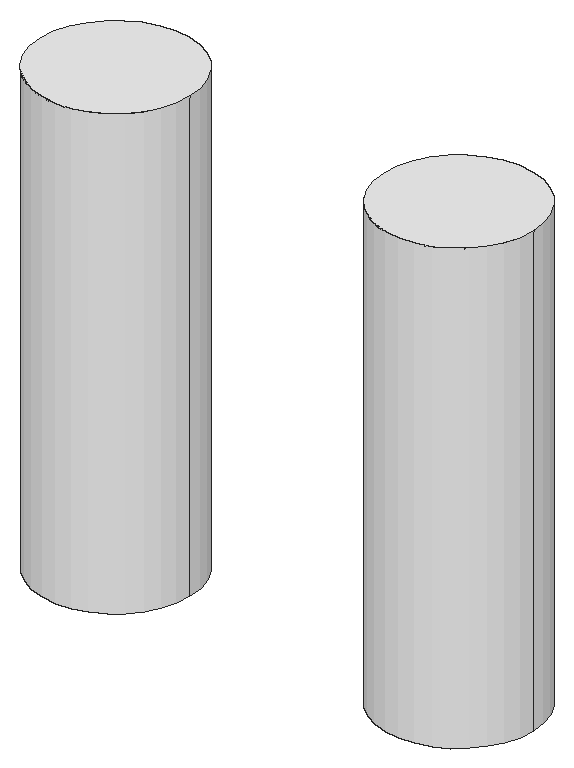
Revit family "64412009", category Plumbing Fixtures, Revit 2018
Family settings
  Round Connector Dimension = Use Diameter
  Part Type = Normal
  OmniClass Number = 23.45.55.00
  OmniClass Title = Sanitary Faucets, Wastes
  Work Plane-Based = No
  Always vertical = Yes
  Cut with Voids When Loaded = No
  Shared = No
  Room Calculation Point = No
Parameters (values of type "64412009 Washbasin faucet, 9/12 V, Bluetooth ")
  WorkingPressure = "50 - 1000 kPa"
  Working Pressure = "50 - 1000 kPa"
  WarrantyStartDate [instance] = "n/a"
  WarrantyGuarantorParts = "n/a"
  WarrantyGuarantorLabor = "n/a"
  WarrantyDurationUnit = "Year"
  WarrantyDurationParts = "n/a"
  WarrantyDurationLabor = "n/a"
  WarrantyDescription = "http://warranty.hansa.com"
  Warranty Information URL = "http://warranty.hansa.com"
  VersionDate = "01/07/2022"
  Version = "3"
  ValvePattern = "n/a"
  ValveOperation = "n/a"
  ValveMechanism = "n/a"
  Uniclass2015Reference = "Pr_40_20_87_96"
  Uniclass2015Description = "Washbasin manual water supply sets"
  Uniclass2 = "Pr_40_30_96_96"
  URL WEEE = "http://www.hansa.com/fileadmin/resources/153036_WEEE.pdf"
  URL REACH = "http://static.hansa.com/doc/reach"
  URL Declaration of Conformity = "http://static.hansa.com/DoC/64412009"
  URL = ""
  UNSPSC Class Number = "30181700 Faucets or taps"
  TestPressure = "n/a"
  Temperature Adjustments = "Temperature preset fixable"
  Temperature = "Temperature fixable"
  Technical DataSheet URL = "http://www.hansa.com/datasheet/64412009/en"
  TagNumber [instance] = "n/a"
  SustainabilityPerformance = "n/a"
  Surface treatment = "Chrome"
  Spout Type = "Fixed spout;Casted construction"
  Spout Projection = "96 mm"
  Spare-Part Information URL = "http://static.hansa.com/sp/64412009"
  Size = "65x140x120 mm"
  Shape = "Sculptured"
  SerialNumber [instance] = "n/a"
  Sales Package dimensions (LxWxH) = "290 x 210 x 90"
  Revision = "3"
  ReplacementCost = "n/a"
  Protection Class = "IP 55 / transformer IP 20"
  ProductInformation = "n/a"
  Product URL = "http://static.hansa.com/64412009"
  Product Image URL = "http://static.hansa.com/image/64412009"
  Product Family = "HANSAELECTRA "
  Product Code = "64412009"
  OperatingMechanismMaterial = "n/a"
  Operating Voltage = 912 V
  Operating Distance = "20-130 mm (110/130/160 mm)"
  NominalWidth = 65 mm
  NominalHeight = 120.5 mm
  NominalDepth = 140 mm
  Name_en = "64412009 Washbasin faucet, 9/12 V, Bluetooth"
  Name = "64412009 Washbasin faucet, 9/12 V, Bluetooth"
  NBSReference = "45-35-70/371"
  NBSDescription = "Water supply fittings for wash basins and troughs"
  Mounting Holes = "1 hole"
  ModelReference = "64412009"
  ModelNumber = "n/a"
  Model = "64412009 Washbasin faucet, 9/12 V, Bluetooth"
  Mobile Product Information URL = "http://mpi.hansa.com/64412009"
  Mechanical Parts = "Litter filter(s);Mixing valve for manual temperature control"
  Max. Hot Water Supply = 70 °C
  Max Flow Period = "2 min (1 - 1800 s)"
  Material = "Brass"
  Market = "Austria;Belgium;Czech Republic;Germany;Spain;France;International;Italy;Netherlands;Slovakia"
  ManufacturerURL = "http://www.hansa.com"
  ManufacturerName = "HANSA"
  Manufacturer = "HANSA"
  Lever Handle = "Temperature control handle"
  Interactive AR View URL = "https://static.hansa.com/AR/64412009"
  InstallationDate [instance] = "n/a"
  Installation and Maintenance Guide URL = "http://static.hansa.com/manual/64412009"
  Installation Type = "Deck mounted"
  InletConnectionSize = 10 mm
  IfcExportType = "FAUCET"  # constant formula
  IfcExportAs = "IfcValveType"  # constant formula
  Group = "Washbasin faucet"
  Grade = "n/a"
  FlowCoefficient = 0
  Flow Rate At 300kPa With Flow Controller = 0.1 L/s
  Flow Drawing URL = "http://static.hansa.com/flowchart/64412009"
  Finish = "Polished"
  Features = "Touchless;Bluetooth®;Plug transformer"
  FaucetMainMaterial = Brass
  FDV Document URL = "http://www.hansa.com/datasheet/64412009/en/fdv"
  ExpectedLife = "n/a"
  Excluded Items = "Without pop-up waste;Without draw-rod opening"
  Electronic Parts = "Autofocus infrared sensor;Solenoid valve;Power supply"
  Electrical Connection = "230 / 9 V"
  ETIM Class Number = "EC010340 Electronic tap"
  EN Standard = "EN 15091"
  EMC Directive = "2014/53/EU , 2011/65/EU"
  EAN Number = "4057304014055"
  DurationUnit = "Year"
  Dimension Drawing URL = "http://static.hansa.com/dimdrw/64412009"
  Description = ""
  DefaultElevation [instance] = 900 mm
  Constituents = "Single lever"
  Connection Size = "G3/8"
  Connection = "Flexible inlet pipes"
  Color = "Chrome"
  CodePerformance = "n/a"
  CloseOffRating = 0
  Category = "Bathroom;Public & Semi-public"
  Catalog Drawing URL = "http://static.hansa.com/catdrw/64412009"
  Brand = "HANSA"
  BodyMaterial = "Brass"
  Bluetooth = "4.x"
  Barcode [instance] = "n/a"
  Backflow Prevention EN1717 = "AA"
  BIMObjectName = "64412009"
  Automatic Flush Period = "30 s (1-1800 s)"
  Automatic Flush Frequency = "off (off/1-120 h)"
  Author = "BIMStone"
  AssetType = "Fixed"
  AssetIdentifier [instance] = "n/a"
  Ambience photo = "http://static.hansa.com/ambience/64412009"
  Afterflow Period = "3 s (1-20 s)"
  Aerator = "Standard aerator;PCA® - constant flow rate regardless of pressure variations"
  Advanced Features = "Software settings adjustable via App;Convertible for cold or premixed-water supply"
  AccessibilityPerformance = "n/a"
  3D View = "https://static.hansa.com/3D/64412009"
  2D/3D/BIM Files URL = "http://static.hansa.com/bim/64412009"
Reference planes
  plane 1 "Center (Front/Back)": y = 0
  plane 2: z = 0
  plane 3 "Center (Left/Right)": x = 0
  plane 4: x = -27.75
  plane 5: z = 1020.5
  plane 6: z = 900
  plane 7: z = 870
  plane 8: y = -140
  plane 9: x = 27.75
  plane 10: x = 37.25
Forms (mm)
  Extrusion 1, solid, material "Brass" <- "FaucetMainMaterial"
    sketch origin (0, -5.497, 0) x (1, 0, 0) y (0, 1, 0)
      loop
        circle (-11.5, -22.5) r 5
      loop
        circle (11.5, -22.5) r 5
    from 870 to 900
Dimensions and locks
  "NominalHeight": plane 5 to plane 6
  "DefaultElevation": plane 6 to level
  locked: plane 6 to plane 7 at 30
  "NominalDepth": plane 8 to plane 1 "Center (Front/Back)"
  equal spacing: plane 4, plane 3 "Center (Left/Right)", plane 9
  "NominalWidth": plane 4 to plane 10
  locked: plane 9 to plane 10 at 9.5
  "InletConnectionSize": diameter of Extrusion 1 sketch curve  (x2)
  aligned and locked: level to plane 2
  aligned and locked: plane 6 to Extrusion 1
  aligned and locked: Extrusion 1 to plane 7
  aligned and locked: plane 3 "Center (Left/Right)" to nested 2
  aligned and locked: plane 1 "Center (Front/Back)" to nested 2
  aligned and locked: plane 3 "Center (Left/Right)" to nested 1
  aligned and locked: plane 1 "Center (Front/Back)" to nested 1
  aligned and locked: nested 2 to plane 6
Automatic sketch dimensions
  Extrusion 1 sketch curve to plane 3 "Center (Left/Right)" = 11.5 mm
  plane 3 "Center (Left/Right)" to Extrusion 1 sketch curve = 11.5 mm
  plane 1 "Center (Front/Back)" to Extrusion 1 sketch curve = 27.997 mm  (x2)
Nested families
  nested 1: "Symbol" at (0, 0, 0), type "Symbol", detail levels coarse
  nested 2: "64412009_p" at (0, 0, 900), Material <- "FaucetMainMaterial", type "64412009_p"
    with Material Brass
Connectors
  piping at (-11.5, -27.997, 870), diameter 10, driven by "InletConnectionSize"
    settings: on Extrusion 1, index 1, connector inside diameter 609.6 mm, connector length 0 mm, flow factor 0, pipe flow 0.1 L/s, pressure drop 0.0 Pa, fitting loss kfactor 0, connector angle 0.00°, fixture units 0, engagement length 0 mm, angle of deflection 0.00°, flow configuration 1, flow direction 1, fitting loss method 0, system type 19, joint type 0, gender type 0, connector reference index -1, connector utility 0, adjustable connector no, is connector primary yes, connector description ""
  piping at (11.5, -27.997, 870), diameter 10, driven by "InletConnectionSize"
    settings: on Extrusion 1, index 2, connector inside diameter 609.6 mm, connector length 0 mm, flow factor 0, pipe flow 0.1 L/s, pressure drop 0.0 Pa, fitting loss kfactor 0, connector angle 0.00°, fixture units 0, engagement length 0 mm, angle of deflection 0.00°, flow configuration 1, flow direction 1, fitting loss method 0, system type 20, joint type 0, gender type 0, connector reference index -1, connector utility 0, adjustable connector no, is connector primary no, connector description ""
Definition of nested family "Symbol"
  Reference planes
    plane 1: y = 0
    plane 2: x = 0
  Lines and regions (mm)
    detail lines
      curve 1: line (0, 0, 0) -> (0, -1.8, 0)
      curve 2: line (-0.4, -1.1, 0) -> (0.4, -1.1, 0)
      curve 3: line (-0.4, -1.4, 0) -> (0.4, -1.4, 0)
      curve 4: line (0.863, 0, 0) -> (-0.863, 0, 0)
      curve 5: circle (-1.163, 0, 0) r 0.3 normal (0, 0, -1)
      curve 6: circle (1.163, 0, 0) r 0.3 normal (0, 0, 1)
Definition of nested family "64412009_p"
  Parameters (values of type "64412009_p")
    Material [instance] = none
  Reference planes
    plane 1 "Center (Front/Back)": y = 0
    plane 2: z = 0
    plane 3 "Center (Left/Right)": x = 0
    plane 4: z = 120.5
    plane 5: y = -140
    plane 6: x = -27.75
    plane 7: x = 27.75
    plane 8: x = 37.25
  Forms (mm)
    Extrusion 1, solid, material <- "Material", detail levels medium
      sketch origin (0, 0, -900) x (0, 1, 0) y (0, 0, 1)
        loop
          line (0, 900) -> (-10.03, 977.548)
          arc (-10.03, 977.548) -> (-16.238, 993.039) -> (-27.956, 1004.922) r 42.287
          arc (-27.956, 1004.922) -> (-52.254, 1016.518) -> (-78.88, 1020.5) r 91.024
          line (-78.88, 1020.5) -> (-140, 1020.5) -> (-140, 996.089) -> (-84.669, 980.647)
          arc (-84.669, 980.647) -> (-69.824, 971.243) -> (-62.64, 955.205) r 30.472
          line (-62.64, 955.205) -> (-55.5, 900) -> (0, 900)
      from -27.75 to 27.75
    Extrusion 2, solid, material <- "Material", detail levels medium
      sketch origin (0, 0, -900) x (1, 0, 0) y (0, 0, 1)
        loop
          line (37.25, 932.759) -> (27.75, 932.759) -> (27.75, 910.74) -> (37.25, 910.74) -> (37.25, 932.759)
      from 22.32 to 37.82
    Extrusion 3, solid, material <- "Material", detail levels coarse
      sketch origin (0, 0, -900) x (1, 0, 0) y (0, 1, 0)
        loop
          line (-27.75, 0) -> (-27.75, -140) -> (37.25, -140) -> (37.25, 0) -> (-27.75, 0)
      from 900 to 1020.5
  Cuts and joins
    joined: Extrusion 1, Extrusion 2
  Lines and regions (mm)
    symbolic lines, detail levels fine
      curve 1: arc (-16.926, -128.653, 0) -> (0, -138.019, 0) -> (16.926, -128.653, 0) r 19.977
      curve 18: line (27.75, -36.32, 0) -> (27.75, -23.82, 0)
      curve 21: arc (27.47, -23.82, 0) -> (26.285, -30.07, 0) -> (27.47, -36.32, 0) r 17.073
      curve 23: line (35.624, -22.32, 0) -> (35.624, -37.82, 0)
      curve 24: line (27.75, -26.726, 0) -> (35.624, -26.726, 0)
      curve 25: line (35.624, -31.726, 0) -> (27.75, -31.726, 0)
      curve 36: line (35.64, -0.3, 10.74) -> (35.64, -0.3, 26.749)
      curve 37: line (35.64, -0.3, 26.749) -> (27.75, -0.3, 26.749)
      curve 43: line (27.75, -0.3, 10.74) -> (27.75, -0.3, 32.759)
      curve 44: circle (0, -0.3, 17.875) r 3.4 normal (0, -1, 0)
      curve 45: circle (0, -0.3, 35.58) r 3.4 normal (0, -1, 0)
      curve 46: line (-23.791, -0.3, 91.729) -> (-19.137, -0.3, 102.693)
      curve 47: line (23.791, -0.3, 91.729) -> (19.137, -0.3, 102.693)
      curve 48: arc (-19.137, -0.3, 102.693) -> (0, -0.3, 115.359) -> (19.137, -0.3, 102.693) r 20.79
      curve 49: spline (0, -0.3, 85.125) -> (2.843, -0.3, 85.314) -> (5.492, -0.3, 85.869) -> (7.767, -0.3, 86.75) -> (9.513, -0.3, 87.899) -> (10.61, -0.3, 89.237) -> (10.984, -0.3, 90.672) -> (10.61, -0.3, 92.108) -> (9.513, -0.3, 93.446) -> (7.767, -0.3, 94.595) -> (5.492, -0.3, 95.476) -> (2.843, -0.3, 96.03) -> (0, -0.3, 96.219) -> (-2.843, -0.3, 96.03) -> (-5.492, -0.3, 95.476) -> (-7.767, -0.3, 94.595) -> (-9.513, -0.3, 93.446) -> (-10.61, -0.3, 92.108) -> (-10.984, -0.3, 90.672) -> (-10.61, -0.3, 89.237) -> (-9.513, -0.3, 87.899) -> (-7.767, -0.3, 86.75) -> (-5.492, -0.3, 85.869) -> (-2.843, -0.3, 85.314) -> (0, -0.3, 85.125)
      curve 50: line (-10.984, -0.3, 90.672) -> (-10.984, -0.3, 96.528)
      curve 51: line (10.984, -0.3, 90.672) -> (10.984, -0.3, 96.528)
      curve 52: spline (10.984, -0.3, 91.995) -> (11.987, -0.3, 93.769) -> (11.681, -0.3, 95.597) -> (10.099, -0.3, 97.278) -> (7.415, -0.3, 98.631) -> (3.922, -0.3, 99.506) -> (0, -0.3, 99.809) -> (-3.922, -0.3, 99.506) -> (-7.415, -0.3, 98.631) -> (-10.099, -0.3, 97.278) -> (-11.681, -0.3, 95.597) -> (-11.987, -0.3, 93.769) -> (-10.984, -0.3, 91.995)
      curve 53: spline (12.034, -0.3, 95.27) -> (11.624, -0.3, 96.706) -> (10.422, -0.3, 98.044) -> (8.51, -0.3, 99.193) -> (6.017, -0.3, 100.074) -> (3.115, -0.3, 100.628) -> (0, -0.3, 100.817) -> (-3.115, -0.3, 100.628) -> (-6.017, -0.3, 100.074) -> (-8.51, -0.3, 99.193) -> (-10.422, -0.3, 98.044) -> (-11.624, -0.3, 96.706) -> (-12.034, -0.3, 95.27)
      curve 54: line (-12.034, -0.3, 95.27) -> (-12.034, -0.3, 94.262)
      curve 55: line (12.034, -0.3, 95.27) -> (12.034, -0.3, 94.262)
      curve 56: arc (-23.791, -0.3, 91.729) -> (0, -0.3, 74.637) -> (23.791, -0.3, 91.729) r 25.104
      curve 71: arc (0, -132.783, 100.194) -> (0, -121.422, 95.826) -> (0, -111.898, 88.246) r 40.033
      curve 75: line (0, -57.079, 15.019) -> (0, -57.706, 20.986)
      curve 77: line (0, -58.91, 32.445) -> (0, -59.535, 38.39)
    symbolic lines, detail levels medium+fine
      curve 2: arc (-18.761, -123.953, 0) -> (-18.065, -126.389, 0) -> (-16.926, -128.653, 0) r 13.52
      curve 3: arc (-21.194, -108.058, 0) -> (-20.107, -116.026, 0) -> (-18.761, -123.953, 0) r 245.759
      curve 4: arc (-21.694, -99.299, 0) -> (-21.58, -103.687, 0) -> (-21.194, -108.058, 0) r 70.758
      curve 5: arc (-27.029, -39.573, 0) -> (-22.957, -69.311, 0) -> (-21.694, -99.299, 0) r 319.403
      curve 6: arc (-27.75, -27.75, 0) -> (-27.751, -33.684, 0) -> (-27.029, -39.573, 0) r 48.577
      curve 7: arc (18.761, -123.953, 0) -> (18.065, -126.389, 0) -> (16.926, -128.653, 0) r 13.52
      curve 8: arc (21.194, -108.058, 0) -> (20.107, -116.026, 0) -> (18.761, -123.953, 0) r 245.759
      curve 9: arc (21.694, -99.299, 0) -> (21.58, -103.687, 0) -> (21.194, -108.058, 0) r 70.758
      curve 10: arc (27.029, -39.573, 0) -> (22.957, -69.311, 0) -> (21.694, -99.299, 0) r 319.403
      curve 11: spline (-16.926, -128.653, 0) -> (-16.349, -131.59, 0) -> (-14.658, -134.326, 0) -> (-11.968, -136.676, 0) -> (-8.463, -138.48, 0) -> (-4.381, -139.613, 0) -> (0, -140, 0) -> (4.381, -139.613, 0) -> (8.463, -138.48, 0) -> (11.968, -136.676, 0) -> (14.658, -134.326, 0) -> (16.349, -131.59, 0) -> (16.926, -128.653, 0)
      curve 12: line (35.624, -22.32, 0) -> (27.75, -22.32, 0)
      curve 13: line (27.75, -22.32, 0) -> (27.75, -23.82, 0)
      curve 14: line (27.75, -23.82, 0) -> (27.47, -23.82, 0)
      curve 15: line (27.75, -36.32, 0) -> (27.75, -37.82, 0)
      curve 16: line (27.75, -37.82, 0) -> (35.624, -37.82, 0)
      curve 17: spline (35.624, -37.82, 0) -> (36.045, -37.556, 0) -> (36.437, -36.781, 0) -> (36.774, -35.55, 0) -> (37.032, -33.945, 0) -> (37.195, -32.076, 0) -> (37.25, -30.07, 0) -> (37.195, -28.064, 0) -> (37.032, -26.195, 0) -> (36.774, -24.59, 0) -> (36.437, -23.358, 0) -> (36.045, -22.584, 0) -> (35.624, -22.32, 0)
      curve 19: arc (27.47, -23.82, 0) -> (-1.97, -0.07, 0) -> (-27.75, -27.75, 0) r 27.75
      curve 20: arc (27.519, -36.32, 0) -> (27.302, -37.951, 0) -> (27.029, -39.573, 0) r 48.577
      curve 22: line (27.519, -36.32, 0) -> (27.75, -36.32, 0)
      curve 26: line (-27.75, -0.3, 0) -> (27.75, -0.3, 0)
      curve 27: line (27.75, -0.3, 0) -> (27.75, -0.3, 10.74)
      curve 28: arc (27.75, -0.3, 35) -> (26.759, -0.3, 63.434) -> (23.791, -0.3, 91.729) r 408.394
      curve 29: arc (23.791, -0.3, 91.729) -> (22.462, -0.3, 99.054) -> (20.551, -0.3, 106.25) r 92.87
      curve 30: arc (20.551, -0.3, 106.25) -> (12.735, -0.3, 116.922) -> (0, -0.3, 120.5) r 20.27
      curve 31: line (-27.75, -0.3, 0) -> (-27.75, -0.3, 35)
      curve 32: arc (-27.75, -0.3, 35) -> (-26.759, -0.3, 63.434) -> (-23.791, -0.3, 91.729) r 408.394
      curve 33: arc (-23.791, -0.3, 91.729) -> (-22.462, -0.3, 99.054) -> (-20.551, -0.3, 106.25) r 92.87
      curve 34: arc (-20.551, -0.3, 106.25) -> (-12.735, -0.3, 116.922) -> (0, -0.3, 120.5) r 20.27
      curve 35: line (27.75, -0.3, 10.74) -> (35.64, -0.3, 10.74)
      curve 38: spline (35.64, -0.3, 26.749) -> (36.057, -0.3, 26.476) -> (36.445, -0.3, 25.676) -> (36.779, -0.3, 24.404) -> (37.034, -0.3, 22.746) -> (37.195, -0.3, 20.816) -> (37.25, -0.3, 18.744) -> (37.195, -0.3, 16.672) -> (37.034, -0.3, 14.742) -> (36.779, -0.3, 13.084) -> (36.445, -0.3, 11.812) -> (36.057, -0.3, 11.012) -> (35.64, -0.3, 10.74)
      curve 39: line (35.64, -0.3, 26.749) -> (35.64, -0.3, 31.985)
      curve 40: arc (35.64, -0.3, 31.985) -> (35.414, -0.3, 32.532) -> (34.866, -0.3, 32.759) r 0.774
      curve 41: line (34.866, -0.3, 32.759) -> (27.75, -0.3, 32.759)
      curve 42: line (27.75, -0.3, 32.759) -> (27.75, -0.3, 35)
      curve 57: line (0, 0, 0) -> (0, -3.574, 51.11)
      curve 58: arc (0, -3.574, 51.11) -> (0, -6.639, 69.684) -> (0, -13.113, 87.361) r 100.551
      curve 59: arc (0, -13.113, 87.361) -> (0, -24.362, 102.423) -> (0, -40.524, 112.024) r 48.106
      curve 60: arc (0, -40.524, 112.024) -> (0, -67.162, 118.753) -> (0, -94.581, 120.5) r 149.669
      curve 61: arc (0, -94.581, 120.5) -> (0, -115.168, 119.586) -> (0, -135.695, 117.766) r 467.531
      curve 62: arc (0, -135.695, 117.766) -> (0, -138.916, 115.724) -> (0, -139.283, 111.927) r 4.343
      curve 63: arc (0, -139.283, 111.927) -> (0, -136.799, 105.637) -> (0, -132.783, 100.194) r 26.137
      curve 64: line (0, 0, 0) -> (0, -55.5, 0)
      curve 65: line (0, -55.5, 0) -> (0, -57.079, 15.019)
      curve 66: arc (0, -59.994, 42.753) -> (0, -71.64, 69.197) -> (0, -96.488, 83.945) r 47.339
      curve 67: line (0, -96.488, 83.945) -> (0, -111.898, 88.246)
      curve 68: line (0, -111.898, 88.246) -> (0, -113.917, 84.749)
      curve 69: line (0, -132.783, 100.194) -> (0, -134.755, 96.779)
      curve 70: line (0, -134.755, 96.779) -> (0, -113.917, 84.749)
      curve 72: arc (0, -59.535, 38.39) -> (0, -60.073, 35.328) -> (0, -58.91, 32.445) r 5.654
      curve 73: arc (0, -57.706, 20.986) -> (0, -58.241, 17.913) -> (0, -57.079, 15.019) r 5.7
      curve 74: line (0, -57.706, 20.986) -> (0, -58.91, 32.445)
      curve 76: line (0, -59.535, 38.39) -> (0, -59.994, 42.753)
  Dimensions and locks
    aligned and locked: level to plane 2
    aligned and locked: plane 4 to Extrusion 3
